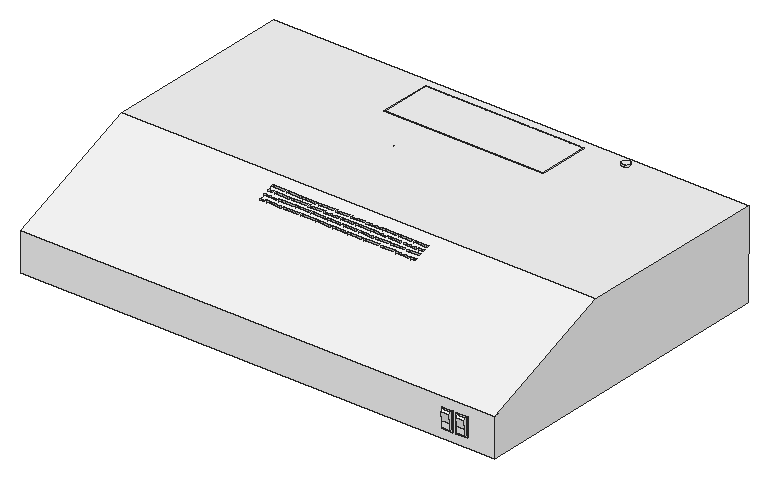
Revit family "QF_Summit_HC30WW_Under Cabinet Convertible Range Hood", category Specialty Equipment, Revit 2020
Family settings
  Round Connector Dimension = Use Diameter
  Part Type = Normal
  Work Plane-Based = No
  Always vertical = Yes
  Cut with Voids When Loaded = No
  Shared = No
  Room Calculation Point = No
Parameters
  Weight in Pounds = 13
  Watts = if(Phase = 3, Volts * FL Amps * 1.73, Volts * FL Amps)  # 195.5 W
  Volts = 115 V
  Ventilation Remarks = "3.25 inches x 10 inches rectangular or 0.86 inches round with transition with transition"
  URL Cutsheet = ""
  Specification by User = ""
  Specification by Manufacturer = ""
  Serial Number = ""
  Seismic Rating = ""
  SMACNA No = ""
  Revision Code = ""
  Phase = 1
  Number of Poles = 1
  NAFEM Spec ID Number = ""
  Model = "HC30WW"
  Min Ckt Ampacity = 0 A
  Max Overcurrent Protection = 0 A
  Masterspec = ""
  Manufacturer = "Summit"
  MU Air Volume = 300 CFM
  MU Air Vent Width = 0"
  MU Air Vent Diameter = 0"
  MU Air Vent Depth = 0"
  MU Air Static Press = 0.00 in-wg
  MU Air RI Height = 0"
  Length = 29 7/8"
  Item Number = ""
  Installed By = ""
  Identify Quantity as Lot = yes
  Height = 5 1/2"
  HP = ""
  Furnished By = ""
  Foodservice Equipment Identifier = yes
  FL Amps = 1.7 A
  Exhaust Volume = 0 CFM
  Exhaust Vent Width = 0"
  Exhaust Vent Diameter = 0"
  Exhaust Vent Depth = 0"
  Exhaust Static Press = 0.00 in-wg
  Exhaust RI Height = 0"
  Electrical Remarks = ""
  Electric Connection Type = ""
  Elec Conn RI Height = 0"
  Elec Conn Connection Height = 0"
  Description = "Under Cabinet Convertible Range Hood"
  Depth = 20"
  Default Elevation = 0"
  Cycle = 60 Hz
  Conn Plug = ""
  Conn Conduit = yes
  CSI MasterFormat = ""
  Apparent Power = if(Phase = 3, Volts * FL Amps * 1.73, Volts * FL Amps)  # 195.5 VA
Reference planes (in)
  plane 1 "BACK": y = 0
  plane 2: z = 0
  plane 3 "LEFT": x = 0
  plane 4 "RIGHT": x = 29.875
  plane 5 "FRONT": y = -20
  plane 6 "TOP": z = 5.5
  plane 7 "Center Y": x = 14.9375
  plane 8 "Center X": y = -10
  plane 9: z = 2.375
  plane 10: y = -12
  plane 11: x = 9.3125
  plane 12: x = 20.5625
  plane 13: x = 22.5625
  plane 14: y = -14
  plane 15: x = 1.5
  plane 16: x = 28.375
  plane 17: z = 5.25339
  plane 18: z = 4.76922
  plane 19: y = -0.5
  plane 20: y = -3.75
  plane 21: y = -7.25
  plane 22: x = 9.9375
  plane 23: x = 19.9375
  plane 24: z = 5.25339
  plane 25: z = 4.76922
  plane 26: x = 14.9375
  plane 27: x = 12.19383
Forms (in)
  Extrusion 1, solid, material "QF_Plastic_White_Smooth"
    sketch origin (0, 0, 0) x (0, 1, 0) y (0, 0, 1)
      loop
        line (-20, 2.375) -> (-20, 0) -> (0, 0) -> (0, 5.5) -> (-12, 5.5) -> (-20, 2.375)
    from 0 to 1.5
  Extrusion 2, solid, material "QF_Plastic_White_Smooth"
    sketch origin (0, 0, 0) x (0, 1, 0) y (0, 0, 1)
      loop
        line (0, 5.5) -> (-12, 5.5) -> (-20, 2.375) -> (-20, 0) -> (-14, 0) -> (-14, 4.18196) -> (-10.81598, 5.42572) -> (-0.5, 5.42572) -> (-0.5, 0) -> (0, 0) -> (0, 5.5)
    from 0 to 29.875
  Extrusion 3, solid, material "QF_Plastic_White_Smooth"
    sketch origin (23.88, 0, 0) x (0, 1, 0) y (0, 0, -1)
      loop
        line (-20, -2.375) -> (-12, -5.5) -> (0, -5.5) -> (0, 0) -> (-20, 0) -> (-20, -2.375)
    from -5.995 to -4.495
  Extrusion 4, void
    sketch origin (3.05617, -20, 2.375) x (0, -0.931457, -0.363851) y (-1, 0, 0)
      loop
        line (-7.90626, -7.01362) -> (-7.90626, -7.76633)
        arc (-7.90626, -7.76633) -> (-7.83306, -7.83953) -> (-7.75986, -7.76633) r 0.0732
        line (-7.75986, -7.76633) -> (-7.75986, -7.01362)
        arc (-7.75986, -7.01362) -> (-7.83306, -6.94042) -> (-7.90626, -7.01362) r 0.0732
      loop
        line (-7.59983, -7.01362) -> (-7.59983, -7.24289)
        arc (-7.59983, -7.24289) -> (-7.52663, -7.31609) -> (-7.45343, -7.24289) r 0.0732
        line (-7.45343, -7.24289) -> (-7.45343, -7.01362)
        arc (-7.45343, -7.01362) -> (-7.52663, -6.94042) -> (-7.59983, -7.01362) r 0.0732
      loop
        line (-7.28302, -7.01362) -> (-7.28302, -7.76633)
        arc (-7.28302, -7.76633) -> (-7.20982, -7.83953) -> (-7.13663, -7.76633) r 0.0732
        line (-7.13663, -7.76633) -> (-7.13663, -7.01362)
        arc (-7.13663, -7.01362) -> (-7.20982, -6.94042) -> (-7.28302, -7.01362) r 0.0732
      loop
        line (-6.9465, -7.01362) -> (-6.9465, -7.24289)
        arc (-6.9465, -7.24289) -> (-6.8733, -7.31609) -> (-6.8001, -7.24289) r 0.0732
        line (-6.8001, -7.24289) -> (-6.8001, -7.01362)
        arc (-6.8001, -7.01362) -> (-6.8733, -6.94042) -> (-6.9465, -7.01362) r 0.0732
      loop
        line (-7.90626, -7.96555) -> (-7.90626, -8.82763)
        arc (-7.90626, -8.82763) -> (-7.83306, -8.90083) -> (-7.75986, -8.82763) r 0.0732
        line (-7.75986, -8.82763) -> (-7.75986, -7.96555)
        arc (-7.75986, -7.96555) -> (-7.83306, -7.89235) -> (-7.90626, -7.96555) r 0.0732
      loop
        line (-7.28302, -7.96555) -> (-7.28302, -8.82763)
        arc (-7.28302, -8.82763) -> (-7.20982, -8.90083) -> (-7.13663, -8.82763) r 0.0732
        line (-7.13663, -8.82763) -> (-7.13663, -7.96555)
        arc (-7.13663, -7.96555) -> (-7.20982, -7.89235) -> (-7.28302, -7.96555) r 0.0732
      loop
        line (-7.59983, -7.44954) -> (-7.59983, -8.31162)
        arc (-7.59983, -8.31162) -> (-7.52663, -8.38482) -> (-7.45343, -8.31162) r 0.0732
        line (-7.45343, -8.31162) -> (-7.45343, -7.44954)
        arc (-7.45343, -7.44954) -> (-7.52663, -7.37634) -> (-7.59983, -7.44954) r 0.0732
      loop
        line (-6.94931, -7.44954) -> (-6.94931, -8.31162)
        arc (-6.94931, -8.31162) -> (-6.87611, -8.38482) -> (-6.80291, -8.31162) r 0.0732
        line (-6.80291, -8.31162) -> (-6.80291, -7.44954)
        arc (-6.80291, -7.44954) -> (-6.87611, -7.37634) -> (-6.94931, -7.44954) r 0.0732
      loop
        line (-7.90626, -9.02338) -> (-7.90626, -9.77608)
        arc (-7.90626, -9.77608) -> (-7.83306, -9.84928) -> (-7.75986, -9.77608) r 0.0732
        line (-7.75986, -9.77608) -> (-7.75986, -9.02338)
        arc (-7.75986, -9.02338) -> (-7.83306, -8.95018) -> (-7.90626, -9.02338) r 0.0732
      loop
        line (-7.28302, -9.02338) -> (-7.28302, -9.77608)
        arc (-7.28302, -9.77608) -> (-7.20982, -9.84928) -> (-7.13663, -9.77608) r 0.0732
        line (-7.13663, -9.77608) -> (-7.13663, -9.02338)
        arc (-7.13663, -9.02338) -> (-7.20982, -8.95018) -> (-7.28302, -9.02338) r 0.0732
      loop
        line (-7.59983, -8.50736) -> (-7.59983, -9.36945)
        arc (-7.59983, -9.36945) -> (-7.52663, -9.44265) -> (-7.45343, -9.36945) r 0.0732
        line (-7.45343, -9.36945) -> (-7.45343, -8.50736)
        arc (-7.45343, -8.50736) -> (-7.52663, -8.43417) -> (-7.59983, -8.50736) r 0.0732
      loop
        line (-6.94931, -8.50736) -> (-6.94931, -9.36945)
        arc (-6.94931, -9.36945) -> (-6.87611, -9.44265) -> (-6.80291, -9.36945) r 0.0732
        line (-6.80291, -9.36945) -> (-6.80291, -8.50736)
        arc (-6.80291, -8.50736) -> (-6.87611, -8.43417) -> (-6.94931, -8.50736) r 0.0732
      loop
        line (-7.90626, -9.9968) -> (-7.90626, -10.85888)
        arc (-7.90626, -10.85888) -> (-7.83306, -10.93208) -> (-7.75986, -10.85888) r 0.0732
        line (-7.75986, -10.85888) -> (-7.75986, -9.9968)
        arc (-7.75986, -9.9968) -> (-7.83306, -9.9236) -> (-7.90626, -9.9968) r 0.0732
      loop
        line (-7.28302, -9.9968) -> (-7.28302, -10.85888)
        arc (-7.28302, -10.85888) -> (-7.20982, -10.93208) -> (-7.13663, -10.85888) r 0.0732
        line (-7.13663, -10.85888) -> (-7.13663, -9.9968)
        arc (-7.13663, -9.9968) -> (-7.20982, -9.9236) -> (-7.28302, -9.9968) r 0.0732
      loop
        line (-7.59983, -9.57454) -> (-7.59983, -10.34287)
        arc (-7.59983, -10.34287) -> (-7.52663, -10.41607) -> (-7.45343, -10.34287) r 0.0732
        line (-7.45343, -10.34287) -> (-7.45343, -9.57454)
        arc (-7.45343, -9.57454) -> (-7.52663, -9.50134) -> (-7.59983, -9.57454) r 0.0732
      loop
        line (-6.94931, -9.57454) -> (-6.94931, -10.34287)
        arc (-6.94931, -10.34287) -> (-6.87611, -10.41607) -> (-6.80291, -10.34287) r 0.0732
        line (-6.80291, -10.34287) -> (-6.80291, -9.57454)
        arc (-6.80291, -9.57454) -> (-6.87611, -9.50134) -> (-6.94931, -9.57454) r 0.0732
      loop
        line (-7.90626, -11.05463) -> (-7.90626, -11.80733)
        arc (-7.90626, -11.80733) -> (-7.83306, -11.88053) -> (-7.75986, -11.80733) r 0.0732
        line (-7.75986, -11.80733) -> (-7.75986, -11.05463)
        arc (-7.75986, -11.05463) -> (-7.83306, -10.98143) -> (-7.90626, -11.05463) r 0.0732
      loop
        line (-7.28302, -11.05463) -> (-7.28302, -11.80733)
        arc (-7.28302, -11.80733) -> (-7.20982, -11.88053) -> (-7.13663, -11.80733) r 0.0732
        line (-7.13663, -11.80733) -> (-7.13663, -11.05463)
        arc (-7.13663, -11.05463) -> (-7.20982, -10.98143) -> (-7.28302, -11.05463) r 0.0732
      loop
        line (-7.59983, -10.53861) -> (-7.59983, -11.4007)
        arc (-7.59983, -11.4007) -> (-7.52663, -11.4739) -> (-7.45343, -11.4007) r 0.0732
        line (-7.45343, -11.4007) -> (-7.45343, -10.53861)
        arc (-7.45343, -10.53861) -> (-7.52663, -10.46542) -> (-7.59983, -10.53861) r 0.0732
      loop
        line (-6.94931, -10.53861) -> (-6.94931, -11.4007)
        arc (-6.94931, -11.4007) -> (-6.87611, -11.4739) -> (-6.80291, -11.4007) r 0.0732
        line (-6.80291, -11.4007) -> (-6.80291, -10.53861)
        arc (-6.80291, -10.53861) -> (-6.87611, -10.46542) -> (-6.94931, -10.53861) r 0.0732
      loop
        line (-7.90626, -12.02338) -> (-7.90626, -12.77608)
        arc (-7.90626, -12.77608) -> (-7.83306, -12.84928) -> (-7.75986, -12.77608) r 0.0732
        line (-7.75986, -12.77608) -> (-7.75986, -12.02338)
        arc (-7.75986, -12.02338) -> (-7.83306, -11.95018) -> (-7.90626, -12.02338) r 0.0732
      loop
        line (-7.28302, -12.02338) -> (-7.28302, -12.77608)
        arc (-7.28302, -12.77608) -> (-7.20982, -12.84928) -> (-7.13663, -12.77608) r 0.0732
        line (-7.13663, -12.77608) -> (-7.13663, -12.02338)
        arc (-7.13663, -12.02338) -> (-7.20982, -11.95018) -> (-7.28302, -12.02338) r 0.0732
      loop
        line (-7.59983, -11.61674) -> (-7.59983, -12.36945)
        arc (-7.59983, -12.36945) -> (-7.52663, -12.44265) -> (-7.45343, -12.36945) r 0.0732
        line (-7.45343, -12.36945) -> (-7.45343, -11.61674)
        arc (-7.45343, -11.61674) -> (-7.52663, -11.54354) -> (-7.59983, -11.61674) r 0.0732
      loop
        line (-6.94931, -11.61674) -> (-6.94931, -12.36945)
        arc (-6.94931, -12.36945) -> (-6.87611, -12.44265) -> (-6.80291, -12.36945) r 0.0732
        line (-6.80291, -12.36945) -> (-6.80291, -11.61674)
        arc (-6.80291, -11.61674) -> (-6.87611, -11.54354) -> (-6.94931, -11.61674) r 0.0732
      loop
        line (-7.90626, -12.9968) -> (-7.90626, -13.85888)
        arc (-7.90626, -13.85888) -> (-7.83306, -13.93208) -> (-7.75986, -13.85888) r 0.0732
        line (-7.75986, -13.85888) -> (-7.75986, -12.9968)
        arc (-7.75986, -12.9968) -> (-7.83306, -12.9236) -> (-7.90626, -12.9968) r 0.0732
      loop
        line (-7.28302, -12.9968) -> (-7.28302, -13.85888)
        arc (-7.28302, -13.85888) -> (-7.20982, -13.93208) -> (-7.13663, -13.85888) r 0.0732
        line (-7.13663, -13.85888) -> (-7.13663, -12.9968)
        arc (-7.13663, -12.9968) -> (-7.20982, -12.9236) -> (-7.28302, -12.9968) r 0.0732
      loop
        line (-7.59983, -12.57454) -> (-7.59983, -13.34287)
        arc (-7.59983, -13.34287) -> (-7.52663, -13.41607) -> (-7.45343, -13.34287) r 0.0732
        line (-7.45343, -13.34287) -> (-7.45343, -12.57454)
        arc (-7.45343, -12.57454) -> (-7.52663, -12.50134) -> (-7.59983, -12.57454) r 0.0732
      loop
        line (-6.94931, -12.57454) -> (-6.94931, -13.34287)
        arc (-6.94931, -13.34287) -> (-6.87611, -13.41607) -> (-6.80291, -13.34287) r 0.0732
        line (-6.80291, -13.34287) -> (-6.80291, -12.57454)
        arc (-6.80291, -12.57454) -> (-6.87611, -12.50134) -> (-6.94931, -12.57454) r 0.0732
      loop
        line (-7.90626, -14.05463) -> (-7.90626, -14.80733)
        arc (-7.90626, -14.80733) -> (-7.83306, -14.88053) -> (-7.75986, -14.80733) r 0.0732
        line (-7.75986, -14.80733) -> (-7.75986, -14.05463)
        arc (-7.75986, -14.05463) -> (-7.83306, -13.98143) -> (-7.90626, -14.05463) r 0.0732
      loop
        line (-7.28302, -14.05463) -> (-7.28302, -14.80733)
        arc (-7.28302, -14.80733) -> (-7.20982, -14.88053) -> (-7.13663, -14.80733) r 0.0732
        line (-7.13663, -14.80733) -> (-7.13663, -14.05463)
        arc (-7.13663, -14.05463) -> (-7.20982, -13.98143) -> (-7.28302, -14.05463) r 0.0732
      loop
        line (-7.59983, -13.53861) -> (-7.59983, -14.4007)
        arc (-7.59983, -14.4007) -> (-7.52663, -14.4739) -> (-7.45343, -14.4007) r 0.0732
        line (-7.45343, -14.4007) -> (-7.45343, -13.53861)
        arc (-7.45343, -13.53861) -> (-7.52663, -13.46542) -> (-7.59983, -13.53861) r 0.0732
      loop
        line (-6.94931, -13.53861) -> (-6.94931, -14.4007)
        arc (-6.94931, -14.4007) -> (-6.87611, -14.4739) -> (-6.80291, -14.4007) r 0.0732
        line (-6.80291, -14.4007) -> (-6.80291, -13.53861)
        arc (-6.80291, -13.53861) -> (-6.87611, -13.46542) -> (-6.94931, -13.53861) r 0.0732
      loop
        line (-7.90626, -15.02338) -> (-7.90626, -15.77608)
        arc (-7.90626, -15.77608) -> (-7.83306, -15.84928) -> (-7.75986, -15.77608) r 0.0732
        line (-7.75986, -15.77608) -> (-7.75986, -15.02338)
        arc (-7.75986, -15.02338) -> (-7.83306, -14.95018) -> (-7.90626, -15.02338) r 0.0732
      loop
        line (-7.28302, -15.02338) -> (-7.28302, -15.77608)
        arc (-7.28302, -15.77608) -> (-7.20982, -15.84928) -> (-7.13663, -15.77608) r 0.0732
        line (-7.13663, -15.77608) -> (-7.13663, -15.02338)
        arc (-7.13663, -15.02338) -> (-7.20982, -14.95018) -> (-7.28302, -15.02338) r 0.0732
      loop
        line (-7.59983, -14.62665) -> (-7.59983, -15.36945)
        arc (-7.59983, -15.36945) -> (-7.52663, -15.44265) -> (-7.45343, -15.36945) r 0.0732
        line (-7.45343, -15.36945) -> (-7.45343, -14.62665)
        arc (-7.45343, -14.62665) -> (-7.52663, -14.55345) -> (-7.59983, -14.62665) r 0.0732
      loop
        line (-6.94931, -14.6001) -> (-6.94931, -15.36945)
        arc (-6.94931, -15.36945) -> (-6.87611, -15.44265) -> (-6.80291, -15.36945) r 0.0732
        line (-6.80291, -15.36945) -> (-6.80291, -14.6001)
        arc (-6.80291, -14.6001) -> (-6.87611, -14.5269) -> (-6.94931, -14.6001) r 0.0732
      loop
        line (-7.59983, -15.57454) -> (-7.59983, -16.34287)
        arc (-7.59983, -16.34287) -> (-7.52663, -16.41607) -> (-7.45343, -16.34287) r 0.0732
        line (-7.45343, -16.34287) -> (-7.45343, -15.57454)
        arc (-7.45343, -15.57454) -> (-7.52663, -15.50134) -> (-7.59983, -15.57454) r 0.0732
      loop
        line (-6.94931, -15.57454) -> (-6.94931, -16.34287)
        arc (-6.94931, -16.34287) -> (-6.87611, -16.41607) -> (-6.80291, -16.34287) r 0.0732
        line (-6.80291, -16.34287) -> (-6.80291, -15.57454)
        arc (-6.80291, -15.57454) -> (-6.87611, -15.50134) -> (-6.94931, -15.57454) r 0.0732
      loop
        line (-7.90626, -15.99213) -> (-7.90626, -16.74483)
        arc (-7.90626, -16.74483) -> (-7.83306, -16.81803) -> (-7.75986, -16.74483) r 0.0732
        line (-7.75986, -16.74483) -> (-7.75986, -15.99213)
        arc (-7.75986, -15.99213) -> (-7.83306, -15.91893) -> (-7.90626, -15.99213) r 0.0732
      loop
        line (-7.28302, -15.99213) -> (-7.28302, -16.74483)
        arc (-7.28302, -16.74483) -> (-7.20982, -16.81803) -> (-7.13663, -16.74483) r 0.0732
        line (-7.13663, -16.74483) -> (-7.13663, -15.99213)
        arc (-7.13663, -15.99213) -> (-7.20982, -15.91893) -> (-7.28302, -15.99213) r 0.0732
      loop
        line (-7.59983, -16.54576) -> (-7.59983, -16.75159)
        arc (-7.59983, -16.75159) -> (-7.52663, -16.82479) -> (-7.45343, -16.75159) r 0.0732
        line (-7.45343, -16.75159) -> (-7.45343, -16.54576)
        arc (-7.45343, -16.54576) -> (-7.52663, -16.47256) -> (-7.59983, -16.54576) r 0.0732
      loop
        line (-6.94931, -16.54576) -> (-6.94931, -16.75159)
        arc (-6.94931, -16.75159) -> (-6.87611, -16.82479) -> (-6.80291, -16.75159) r 0.0732
        line (-6.80291, -16.75159) -> (-6.80291, -16.54576)
        arc (-6.80291, -16.54576) -> (-6.87611, -16.47256) -> (-6.94931, -16.54576) r 0.0732
    from 0 to 0.5
  Extrusion 5, solid, material "QF_Plastic_White_Smooth"
    sketch origin (0, 0, 0) x (1, 0, 0) y (0, 1, 0)
      loop
        arc (11.4375, -3.75) -> (14.9375, -7.25) -> (18.4375, -3.75) r 3.5
        line (18.4375, -3.75) -> (11.4375, -3.75)
    from 2.375 to 5.42572
  Extrusion 6, solid, material "QF_Plastic_White_Smooth"
    sketch origin (0, 0, 0) x (1, 0, 0) y (0, 1, 0)
      loop
        line (9.9375, -0.5) -> (9.9375, -3.75) -> (19.9375, -3.75) -> (19.9375, -0.5) -> (9.9375, -0.5)
      loop
        line (10.1875, -3.5) -> (19.6875, -3.5) -> (19.6875, -0.75) -> (10.1875, -0.75) -> (10.1875, -3.5)
    from 2.375 to 5.42572
  Extrusion 7, solid, material "QF_Plastic_White_Smooth"
    sketch origin (0, 0, 0) x (1, 0, 0) y (0, 1, 0)
      loop
        line (9.3125, -0.5) -> (9.3125, -14) -> (20.5625, -14) -> (20.5625, -0.5) -> (9.3125, -0.5)
      loop
        line (9.5625, -13.75) -> (20.3125, -13.75) -> (20.3125, -0.75) -> (9.5625, -0.75) -> (9.5625, -13.75)
    from 2.375 to 5
  Extrusion 8, void
    sketch origin (29.875, 0, 0) x (0, -1, 0) y (0, 0, 1)
      loop
        line (10.81598, 5.42572) -> (14, 4.18196) -> (14.15581, 4.18196) -> (14.15581, 5.58943) -> (10.81598, 5.58943) -> (10.81598, 5.42572)
    from 9.3125 to 20.5625
  Extrusion 9, void
    sketch origin (0, 0, 2.375) x (1, 0, 0) y (0, 1, 0)
      loop
        line (19.9375, -3.75) -> (19.9375, -0.5) -> (9.9375, -0.5) -> (9.9375, -3.75) -> (19.9375, -3.75)
    from 3.05072 to 3.125
  Extrusion 10, solid, material "QF_Plastic_White_Smooth"
    sketch origin (0, -12, 5.5) x (0, 1, 0) y (-1, 0, 0)
      loop
        line (8.25, -9.9375) -> (8.25, -19.9375) -> (11.5, -19.9375) -> (11.5, -9.9375) -> (8.25, -9.9375)
    from 0 to -0.07428
  Extrusion 11, solid, material "QF_Plastic_White_Smooth"
    sketch origin (0, 0, 0) x (1, 0, 0) y (0, 1, 0)
      loop
        circle (22.5625, -0.5) r 0.25
    from 5.5 to 5.57173
  Extrusion 12, solid, material "QF_Plastic_White_Smooth"
    sketch origin (6.64062, -20, 0) x (0, 0, 1) y (-1, 0, 0)
      loop
        line (1.78125, -21.57157) -> (1.78125, -20.86312) -> (0.59375, -20.86312) -> (0.59375, -21.57157) -> (1.78125, -21.57157)
      loop
        line (1.78125, -20.63407) -> (1.78125, -19.92562) -> (0.59375, -19.92562) -> (0.59375, -20.63407) -> (1.78125, -20.63407)
    from 0 to 0.04539
  Extrusion 13, solid, material "QF_Plastic_White_Smooth"
    sketch origin (29.58062, 0, 0) x (0, 1, 0) y (0, 0, 1)
      loop
        line (-20.04539, 1.70684) -> (-20.22258, 1.62421) -> (-20.09635, 1.07743) -> (-20.09635, 0.69669) -> (-20.04539, 0.69669) -> (-20.04539, 1.70684)
    from -1.97756 to -1.47125
  Extrusion 14, void, not visible
    sketch origin (0.3125, -20, 2.375) x (0, -0.931457, -0.363851) y (-1, 0, 0)
      loop
        line (-7.90626, -7.01362) -> (-7.90626, -7.76633)
        arc (-7.90626, -7.76633) -> (-7.83306, -7.83953) -> (-7.75986, -7.76633) r 0.0732
        line (-7.75986, -7.76633) -> (-7.75986, -7.01362)
        arc (-7.75986, -7.01362) -> (-7.83306, -6.94042) -> (-7.90626, -7.01362) r 0.0732
      loop
        line (-7.59983, -7.01362) -> (-7.59983, -7.24289)
        arc (-7.59983, -7.24289) -> (-7.52663, -7.31609) -> (-7.45343, -7.24289) r 0.0732
        line (-7.45343, -7.24289) -> (-7.45343, -7.01362)
        arc (-7.45343, -7.01362) -> (-7.52663, -6.94042) -> (-7.59983, -7.01362) r 0.0732
      loop
        line (-7.28302, -7.01362) -> (-7.28302, -7.76633)
        arc (-7.28302, -7.76633) -> (-7.20982, -7.83953) -> (-7.13663, -7.76633) r 0.0732
        line (-7.13663, -7.76633) -> (-7.13663, -7.01362)
        arc (-7.13663, -7.01362) -> (-7.20982, -6.94042) -> (-7.28302, -7.01362) r 0.0732
      loop
        line (-6.9465, -7.01362) -> (-6.9465, -7.24289)
        arc (-6.9465, -7.24289) -> (-6.8733, -7.31609) -> (-6.8001, -7.24289) r 0.0732
        line (-6.8001, -7.24289) -> (-6.8001, -7.01362)
        arc (-6.8001, -7.01362) -> (-6.8733, -6.94042) -> (-6.9465, -7.01362) r 0.0732
      loop
        line (-7.90626, -7.96555) -> (-7.90626, -8.82763)
        arc (-7.90626, -8.82763) -> (-7.83306, -8.90083) -> (-7.75986, -8.82763) r 0.0732
        line (-7.75986, -8.82763) -> (-7.75986, -7.96555)
        arc (-7.75986, -7.96555) -> (-7.83306, -7.89235) -> (-7.90626, -7.96555) r 0.0732
      loop
        line (-7.28302, -7.96555) -> (-7.28302, -8.82763)
        arc (-7.28302, -8.82763) -> (-7.20982, -8.90083) -> (-7.13663, -8.82763) r 0.0732
        line (-7.13663, -8.82763) -> (-7.13663, -7.96555)
        arc (-7.13663, -7.96555) -> (-7.20982, -7.89235) -> (-7.28302, -7.96555) r 0.0732
      loop
        line (-7.59983, -7.44954) -> (-7.59983, -8.31162)
        arc (-7.59983, -8.31162) -> (-7.52663, -8.38482) -> (-7.45343, -8.31162) r 0.0732
        line (-7.45343, -8.31162) -> (-7.45343, -7.44954)
        arc (-7.45343, -7.44954) -> (-7.52663, -7.37634) -> (-7.59983, -7.44954) r 0.0732
      loop
        line (-6.94931, -7.44954) -> (-6.94931, -8.31162)
        arc (-6.94931, -8.31162) -> (-6.87611, -8.38482) -> (-6.80291, -8.31162) r 0.0732
        line (-6.80291, -8.31162) -> (-6.80291, -7.44954)
        arc (-6.80291, -7.44954) -> (-6.87611, -7.37634) -> (-6.94931, -7.44954) r 0.0732
      loop
        line (-7.90626, -9.02338) -> (-7.90626, -9.77608)
        arc (-7.90626, -9.77608) -> (-7.83306, -9.84928) -> (-7.75986, -9.77608) r 0.0732
        line (-7.75986, -9.77608) -> (-7.75986, -9.02338)
        arc (-7.75986, -9.02338) -> (-7.83306, -8.95018) -> (-7.90626, -9.02338) r 0.0732
      loop
        line (-7.28302, -9.02338) -> (-7.28302, -9.77608)
        arc (-7.28302, -9.77608) -> (-7.20982, -9.84928) -> (-7.13663, -9.77608) r 0.0732
        line (-7.13663, -9.77608) -> (-7.13663, -9.02338)
        arc (-7.13663, -9.02338) -> (-7.20982, -8.95018) -> (-7.28302, -9.02338) r 0.0732
      loop
        line (-7.59983, -8.50736) -> (-7.59983, -9.36945)
        arc (-7.59983, -9.36945) -> (-7.52663, -9.44265) -> (-7.45343, -9.36945) r 0.0732
        line (-7.45343, -9.36945) -> (-7.45343, -8.50736)
        arc (-7.45343, -8.50736) -> (-7.52663, -8.43417) -> (-7.59983, -8.50736) r 0.0732
      loop
        line (-6.94931, -8.50736) -> (-6.94931, -9.36945)
        arc (-6.94931, -9.36945) -> (-6.87611, -9.44265) -> (-6.80291, -9.36945) r 0.0732
        line (-6.80291, -9.36945) -> (-6.80291, -8.50736)
        arc (-6.80291, -8.50736) -> (-6.87611, -8.43417) -> (-6.94931, -8.50736) r 0.0732
      loop
        line (-7.90626, -9.9968) -> (-7.90626, -10.85888)
        arc (-7.90626, -10.85888) -> (-7.83306, -10.93208) -> (-7.75986, -10.85888) r 0.0732
        line (-7.75986, -10.85888) -> (-7.75986, -9.9968)
        arc (-7.75986, -9.9968) -> (-7.83306, -9.9236) -> (-7.90626, -9.9968) r 0.0732
      loop
        line (-7.28302, -9.9968) -> (-7.28302, -10.85888)
        arc (-7.28302, -10.85888) -> (-7.20982, -10.93208) -> (-7.13663, -10.85888) r 0.0732
        line (-7.13663, -10.85888) -> (-7.13663, -9.9968)
        arc (-7.13663, -9.9968) -> (-7.20982, -9.9236) -> (-7.28302, -9.9968) r 0.0732
      loop
        line (-7.59983, -9.57454) -> (-7.59983, -10.34287)
        arc (-7.59983, -10.34287) -> (-7.52663, -10.41607) -> (-7.45343, -10.34287) r 0.0732
        line (-7.45343, -10.34287) -> (-7.45343, -9.57454)
        arc (-7.45343, -9.57454) -> (-7.52663, -9.50134) -> (-7.59983, -9.57454) r 0.0732
      loop
        line (-6.94931, -9.57454) -> (-6.94931, -10.34287)
        arc (-6.94931, -10.34287) -> (-6.87611, -10.41607) -> (-6.80291, -10.34287) r 0.0732
        line (-6.80291, -10.34287) -> (-6.80291, -9.57454)
        arc (-6.80291, -9.57454) -> (-6.87611, -9.50134) -> (-6.94931, -9.57454) r 0.0732
      loop
        line (-7.90626, -11.05463) -> (-7.90626, -11.80733)
        arc (-7.90626, -11.80733) -> (-7.83306, -11.88053) -> (-7.75986, -11.80733) r 0.0732
        line (-7.75986, -11.80733) -> (-7.75986, -11.05463)
        arc (-7.75986, -11.05463) -> (-7.83306, -10.98143) -> (-7.90626, -11.05463) r 0.0732
      loop
        line (-7.28302, -11.05463) -> (-7.28302, -11.80733)
        arc (-7.28302, -11.80733) -> (-7.20982, -11.88053) -> (-7.13663, -11.80733) r 0.0732
        line (-7.13663, -11.80733) -> (-7.13663, -11.05463)
        arc (-7.13663, -11.05463) -> (-7.20982, -10.98143) -> (-7.28302, -11.05463) r 0.0732
      loop
        line (-7.59983, -10.53861) -> (-7.59983, -11.4007)
        arc (-7.59983, -11.4007) -> (-7.52663, -11.4739) -> (-7.45343, -11.4007) r 0.0732
        line (-7.45343, -11.4007) -> (-7.45343, -10.53861)
        arc (-7.45343, -10.53861) -> (-7.52663, -10.46542) -> (-7.59983, -10.53861) r 0.0732
      loop
        line (-6.94931, -10.53861) -> (-6.94931, -11.4007)
        arc (-6.94931, -11.4007) -> (-6.87611, -11.4739) -> (-6.80291, -11.4007) r 0.0732
        line (-6.80291, -11.4007) -> (-6.80291, -10.53861)
        arc (-6.80291, -10.53861) -> (-6.87611, -10.46542) -> (-6.94931, -10.53861) r 0.0732
      loop
        line (-7.90626, -12.02338) -> (-7.90626, -12.77608)
        arc (-7.90626, -12.77608) -> (-7.83306, -12.84928) -> (-7.75986, -12.77608) r 0.0732
        line (-7.75986, -12.77608) -> (-7.75986, -12.02338)
        arc (-7.75986, -12.02338) -> (-7.83306, -11.95018) -> (-7.90626, -12.02338) r 0.0732
      loop
        line (-7.28302, -12.02338) -> (-7.28302, -12.77608)
        arc (-7.28302, -12.77608) -> (-7.20982, -12.84928) -> (-7.13663, -12.77608) r 0.0732
        line (-7.13663, -12.77608) -> (-7.13663, -12.02338)
        arc (-7.13663, -12.02338) -> (-7.20982, -11.95018) -> (-7.28302, -12.02338) r 0.0732
      loop
        line (-7.59983, -11.61674) -> (-7.59983, -12.36945)
        arc (-7.59983, -12.36945) -> (-7.52663, -12.44265) -> (-7.45343, -12.36945) r 0.0732
        line (-7.45343, -12.36945) -> (-7.45343, -11.61674)
        arc (-7.45343, -11.61674) -> (-7.52663, -11.54354) -> (-7.59983, -11.61674) r 0.0732
      loop
        line (-6.94931, -11.61674) -> (-6.94931, -12.36945)
        arc (-6.94931, -12.36945) -> (-6.87611, -12.44265) -> (-6.80291, -12.36945) r 0.0732
        line (-6.80291, -12.36945) -> (-6.80291, -11.61674)
        arc (-6.80291, -11.61674) -> (-6.87611, -11.54354) -> (-6.94931, -11.61674) r 0.0732
      loop
        line (-7.90626, -12.9968) -> (-7.90626, -13.85888)
        arc (-7.90626, -13.85888) -> (-7.83306, -13.93208) -> (-7.75986, -13.85888) r 0.0732
        line (-7.75986, -13.85888) -> (-7.75986, -12.9968)
        arc (-7.75986, -12.9968) -> (-7.83306, -12.9236) -> (-7.90626, -12.9968) r 0.0732
      loop
        line (-7.28302, -12.9968) -> (-7.28302, -13.85888)
        arc (-7.28302, -13.85888) -> (-7.20982, -13.93208) -> (-7.13663, -13.85888) r 0.0732
        line (-7.13663, -13.85888) -> (-7.13663, -12.9968)
        arc (-7.13663, -12.9968) -> (-7.20982, -12.9236) -> (-7.28302, -12.9968) r 0.0732
      loop
        line (-7.59983, -12.57454) -> (-7.59983, -13.34287)
        arc (-7.59983, -13.34287) -> (-7.52663, -13.41607) -> (-7.45343, -13.34287) r 0.0732
        line (-7.45343, -13.34287) -> (-7.45343, -12.57454)
        arc (-7.45343, -12.57454) -> (-7.52663, -12.50134) -> (-7.59983, -12.57454) r 0.0732
      loop
        line (-6.94931, -12.57454) -> (-6.94931, -13.34287)
        arc (-6.94931, -13.34287) -> (-6.87611, -13.41607) -> (-6.80291, -13.34287) r 0.0732
        line (-6.80291, -13.34287) -> (-6.80291, -12.57454)
        arc (-6.80291, -12.57454) -> (-6.87611, -12.50134) -> (-6.94931, -12.57454) r 0.0732
      loop
        line (-7.90626, -14.05463) -> (-7.90626, -14.80733)
        arc (-7.90626, -14.80733) -> (-7.83306, -14.88053) -> (-7.75986, -14.80733) r 0.0732
        line (-7.75986, -14.80733) -> (-7.75986, -14.05463)
        arc (-7.75986, -14.05463) -> (-7.83306, -13.98143) -> (-7.90626, -14.05463) r 0.0732
      loop
        line (-7.28302, -14.05463) -> (-7.28302, -14.80733)
        arc (-7.28302, -14.80733) -> (-7.20982, -14.88053) -> (-7.13663, -14.80733) r 0.0732
        line (-7.13663, -14.80733) -> (-7.13663, -14.05463)
        arc (-7.13663, -14.05463) -> (-7.20982, -13.98143) -> (-7.28302, -14.05463) r 0.0732
      loop
        line (-7.59983, -13.53861) -> (-7.59983, -14.4007)
        arc (-7.59983, -14.4007) -> (-7.52663, -14.4739) -> (-7.45343, -14.4007) r 0.0732
        line (-7.45343, -14.4007) -> (-7.45343, -13.53861)
        arc (-7.45343, -13.53861) -> (-7.52663, -13.46542) -> (-7.59983, -13.53861) r 0.0732
      loop
        line (-6.94931, -13.53861) -> (-6.94931, -14.4007)
        arc (-6.94931, -14.4007) -> (-6.87611, -14.4739) -> (-6.80291, -14.4007) r 0.0732
        line (-6.80291, -14.4007) -> (-6.80291, -13.53861)
        arc (-6.80291, -13.53861) -> (-6.87611, -13.46542) -> (-6.94931, -13.53861) r 0.0732
      loop
        line (-7.90626, -15.02338) -> (-7.90626, -15.77608)
        arc (-7.90626, -15.77608) -> (-7.83306, -15.84928) -> (-7.75986, -15.77608) r 0.0732
        line (-7.75986, -15.77608) -> (-7.75986, -15.02338)
        arc (-7.75986, -15.02338) -> (-7.83306, -14.95018) -> (-7.90626, -15.02338) r 0.0732
      loop
        line (-7.28302, -15.02338) -> (-7.28302, -15.77608)
        arc (-7.28302, -15.77608) -> (-7.20982, -15.84928) -> (-7.13663, -15.77608) r 0.0732
        line (-7.13663, -15.77608) -> (-7.13663, -15.02338)
        arc (-7.13663, -15.02338) -> (-7.20982, -14.95018) -> (-7.28302, -15.02338) r 0.0732
      loop
        line (-7.59983, -14.62665) -> (-7.59983, -15.36945)
        arc (-7.59983, -15.36945) -> (-7.52663, -15.44265) -> (-7.45343, -15.36945) r 0.0732
        line (-7.45343, -15.36945) -> (-7.45343, -14.62665)
        arc (-7.45343, -14.62665) -> (-7.52663, -14.55345) -> (-7.59983, -14.62665) r 0.0732
      loop
        line (-6.94931, -14.6001) -> (-6.94931, -15.36945)
        arc (-6.94931, -15.36945) -> (-6.87611, -15.44265) -> (-6.80291, -15.36945) r 0.0732
        line (-6.80291, -15.36945) -> (-6.80291, -14.6001)
        arc (-6.80291, -14.6001) -> (-6.87611, -14.5269) -> (-6.94931, -14.6001) r 0.0732
      loop
        line (-7.59983, -15.57454) -> (-7.59983, -16.34287)
        arc (-7.59983, -16.34287) -> (-7.52663, -16.41607) -> (-7.45343, -16.34287) r 0.0732
        line (-7.45343, -16.34287) -> (-7.45343, -15.57454)
        arc (-7.45343, -15.57454) -> (-7.52663, -15.50134) -> (-7.59983, -15.57454) r 0.0732
      loop
        line (-6.94931, -15.57454) -> (-6.94931, -16.34287)
        arc (-6.94931, -16.34287) -> (-6.87611, -16.41607) -> (-6.80291, -16.34287) r 0.0732
        line (-6.80291, -16.34287) -> (-6.80291, -15.57454)
        arc (-6.80291, -15.57454) -> (-6.87611, -15.50134) -> (-6.94931, -15.57454) r 0.0732
      loop
        line (-7.90626, -15.99213) -> (-7.90626, -16.74483)
        arc (-7.90626, -16.74483) -> (-7.83306, -16.81803) -> (-7.75986, -16.74483) r 0.0732
        line (-7.75986, -16.74483) -> (-7.75986, -15.99213)
        arc (-7.75986, -15.99213) -> (-7.83306, -15.91893) -> (-7.90626, -15.99213) r 0.0732
      loop
        line (-7.28302, -15.99213) -> (-7.28302, -16.74483)
        arc (-7.28302, -16.74483) -> (-7.20982, -16.81803) -> (-7.13663, -16.74483) r 0.0732
        line (-7.13663, -16.74483) -> (-7.13663, -15.99213)
        arc (-7.13663, -15.99213) -> (-7.20982, -15.91893) -> (-7.28302, -15.99213) r 0.0732
      loop
        line (-7.59983, -16.54576) -> (-7.59983, -16.75159)
        arc (-7.59983, -16.75159) -> (-7.52663, -16.82479) -> (-7.45343, -16.75159) r 0.0732
        line (-7.45343, -16.75159) -> (-7.45343, -16.54576)
        arc (-7.45343, -16.54576) -> (-7.52663, -16.47256) -> (-7.59983, -16.54576) r 0.0732
      loop
        line (-6.94931, -16.54576) -> (-6.94931, -16.75159)
        arc (-6.94931, -16.75159) -> (-6.87611, -16.82479) -> (-6.80291, -16.75159) r 0.0732
        line (-6.80291, -16.75159) -> (-6.80291, -16.54576)
        arc (-6.80291, -16.54576) -> (-6.87611, -16.47256) -> (-6.94931, -16.54576) r 0.0732
    from 0 to 0.5
  Extrusion 15, solid, material "QF_Plastic_White_Smooth"
    sketch origin (28.64312, 0, 0) x (0, 1, 0) y (0, 0, 1)
      loop
        line (-20.04539, 1.70684) -> (-20.22258, 1.62421) -> (-20.09635, 1.07743) -> (-20.09635, 0.69669) -> (-20.04539, 0.69669) -> (-20.04539, 1.70684)
    from -1.97756 to -1.47125
Cuts and joins
  Extrusion 4, Extrusion 8, Extrusion 9 cuts Extrusion 1
  Extrusion 4, Extrusion 9 cuts Extrusion 2
  Extrusion 4, Extrusion 8, Extrusion 9 cuts Extrusion 3
  Extrusion 9 cuts Extrusion 6
  Extrusion 8, Extrusion 9 cuts Extrusion 7
  joined: Extrusion 1, Extrusion 2, Extrusion 3, Extrusion 5, Extrusion 6, Extrusion 7
Lines and regions (in)
  symbolic lines
    curve 1: line (0, 0, 0) -> (0, -20, 0)
    curve 2: line (0, -12, 0) -> (29.875, -12, 0)
    curve 3: line (29.875, -20, 0) -> (29.875, 0, 0)
    curve 4: line (29.875, 0, 0) -> (0, 0, 0)
    curve 5: line (0, -20, 0) -> (29.875, -20, 0)
    curve 6: line (10.01112, -12.63566, 0) -> (10.76383, -12.63566, 0)
    curve 7: spline (10.76383, -12.63566, 0) -> (10.78277, -12.63798, 0) -> (10.80043, -12.6448, 0) -> (10.81559, -12.65563, 0) -> (10.82722, -12.66975, 0) -> (10.83453, -12.6862, 0) -> (10.83703, -12.70384, 0) -> (10.83453, -12.72149, 0) -> (10.82722, -12.73793, 0) -> (10.81559, -12.75205, 0) -> (10.80043, -12.76289, 0) -> (10.78277, -12.7697, 0) -> (10.76383, -12.77202, 0)
    curve 8: line (10.76383, -12.77202, 0) -> (10.01112, -12.77202, 0)
    curve 9: spline (10.01112, -12.77202, 0) -> (9.99218, -12.7697, 0) -> (9.97452, -12.76289, 0) -> (9.95936, -12.75205, 0) -> (9.94773, -12.73793, 0) -> (9.94042, -12.72149, 0) -> (9.93792, -12.70384, 0) -> (9.94042, -12.6862, 0) -> (9.94773, -12.66975, 0) -> (9.95936, -12.65563, 0) -> (9.97452, -12.6448, 0) -> (9.99218, -12.63798, 0) -> (10.01112, -12.63566, 0)
    curve 10: spline (10.24039, -12.92108, 0) -> (10.25934, -12.9234, 0) -> (10.27699, -12.93022, 0) -> (10.29215, -12.94105, 0) -> (10.30378, -12.95517, 0) -> (10.3111, -12.97162, 0) -> (10.31359, -12.98926, 0) -> (10.3111, -13.00691, 0) -> (10.30378, -13.02335, 0) -> (10.29215, -13.03747, 0) -> (10.27699, -13.04831, 0) -> (10.25934, -13.05512, 0) -> (10.24039, -13.05744, 0)
    curve 11: line (10.24039, -13.05744, 0) -> (10.01112, -13.05744, 0)
    curve 12: spline (10.01112, -13.05744, 0) -> (9.99218, -13.05512, 0) -> (9.97452, -13.04831, 0) -> (9.95936, -13.03747, 0) -> (9.94773, -13.02335, 0) -> (9.94042, -13.00691, 0) -> (9.93792, -12.98926, 0) -> (9.94042, -12.97162, 0) -> (9.94773, -12.95517, 0) -> (9.95936, -12.94105, 0) -> (9.97452, -12.93022, 0) -> (9.99218, -12.9234, 0) -> (10.01112, -12.92108, 0)
    curve 13: line (10.01112, -12.92108, 0) -> (10.24039, -12.92108, 0)
    curve 14: line (10.01112, -13.21617, 0) -> (10.76383, -13.21617, 0)
    curve 15: spline (10.76383, -13.21617, 0) -> (10.78277, -13.2185, 0) -> (10.80043, -13.22531, 0) -> (10.81559, -13.23614, 0) -> (10.82722, -13.25027, 0) -> (10.83453, -13.26671, 0) -> (10.83703, -13.28436, 0) -> (10.83453, -13.302, 0) -> (10.82722, -13.31845, 0) -> (10.81559, -13.33257, 0) -> (10.80043, -13.3434, 0) -> (10.78277, -13.35021, 0) -> (10.76383, -13.35254, 0)
    curve 16: line (10.76383, -13.35254, 0) -> (10.01112, -13.35254, 0)
    curve 17: spline (10.01112, -13.35254, 0) -> (9.99218, -13.35021, 0) -> (9.97452, -13.3434, 0) -> (9.95936, -13.33257, 0) -> (9.94773, -13.31845, 0) -> (9.94042, -13.302, 0) -> (9.93792, -13.28436, 0) -> (9.94042, -13.26671, 0) -> (9.94773, -13.25027, 0) -> (9.95936, -13.23614, 0) -> (9.97452, -13.22531, 0) -> (9.99218, -13.2185, 0) -> (10.01112, -13.21617, 0)
    curve 18: spline (10.24039, -13.52963, 0) -> (10.25934, -13.53196, 0) -> (10.27699, -13.53877, 0) -> (10.29215, -13.5496, 0) -> (10.30378, -13.56372, 0) -> (10.3111, -13.58017, 0) -> (10.31359, -13.59781, 0) -> (10.3111, -13.61546, 0) -> (10.30378, -13.6319, 0) -> (10.29215, -13.64603, 0) -> (10.27699, -13.65686, 0) -> (10.25934, -13.66367, 0) -> (10.24039, -13.666, 0)
    curve 19: line (10.24039, -13.666, 0) -> (10.01112, -13.666, 0)
    curve 20: spline (10.01112, -13.666, 0) -> (9.99218, -13.66367, 0) -> (9.97452, -13.65686, 0) -> (9.95936, -13.64603, 0) -> (9.94773, -13.6319, 0) -> (9.94042, -13.61546, 0) -> (9.93792, -13.59781, 0) -> (9.94042, -13.58017, 0) -> (9.94773, -13.56372, 0) -> (9.95936, -13.5496, 0) -> (9.97452, -13.53877, 0) -> (9.99218, -13.53196, 0) -> (10.01112, -13.52963, 0)
    curve 21: line (10.01112, -13.52963, 0) -> (10.24039, -13.52963, 0)
    curve 22: line (10.44704, -13.52702, 0) -> (11.30912, -13.52702, 0)
    curve 23: spline (11.30912, -13.52702, 0) -> (11.32806, -13.52934, 0) -> (11.34572, -13.53615, 0) -> (11.36088, -13.54699, 0) -> (11.37251, -13.56111, 0) -> (11.37982, -13.57755, 0) -> (11.38232, -13.5952, 0) -> (11.37982, -13.61285, 0) -> (11.37251, -13.62929, 0) -> (11.36088, -13.64341, 0) -> (11.34572, -13.65425, 0) -> (11.32806, -13.66106, 0) -> (11.30912, -13.66338, 0)
    curve 24: line (11.30912, -13.66338, 0) -> (10.44704, -13.66338, 0)
    curve 25: spline (10.44704, -13.66338, 0) -> (10.42809, -13.66106, 0) -> (10.41044, -13.65425, 0) -> (10.39528, -13.64341, 0) -> (10.38364, -13.62929, 0) -> (10.37633, -13.61285, 0) -> (10.37384, -13.5952, 0) -> (10.37633, -13.57755, 0) -> (10.38364, -13.56111, 0) -> (10.39528, -13.54699, 0) -> (10.41044, -13.53615, 0) -> (10.42809, -13.52934, 0) -> (10.44704, -13.52702, 0)
    curve 26: line (11.30912, -13.05744, 0) -> (10.44704, -13.05744, 0)
    curve 27: spline (10.44704, -13.05744, 0) -> (10.42809, -13.05512, 0) -> (10.41044, -13.04831, 0) -> (10.39528, -13.03747, 0) -> (10.38364, -13.02335, 0) -> (10.37633, -13.00691, 0) -> (10.37384, -12.98926, 0) -> (10.37633, -12.97162, 0) -> (10.38364, -12.95517, 0) -> (10.39528, -12.94105, 0) -> (10.41044, -12.93022, 0) -> (10.42809, -12.9234, 0) -> (10.44704, -12.92108, 0)
    curve 28: line (10.44704, -12.92108, 0) -> (11.30912, -12.92108, 0)
    curve 29: spline (11.30912, -12.92108, 0) -> (11.32806, -12.9234, 0) -> (11.34572, -12.93022, 0) -> (11.36088, -12.94105, 0) -> (11.37251, -12.95517, 0) -> (11.37982, -12.97162, 0) -> (11.38232, -12.98926, 0) -> (11.37982, -13.00691, 0) -> (11.37251, -13.02335, 0) -> (11.36088, -13.03747, 0) -> (11.34572, -13.04831, 0) -> (11.32806, -13.05512, 0) -> (11.30912, -13.05744, 0)
    curve 30: line (11.82513, -12.77202, 0) -> (10.96305, -12.77202, 0)
    curve 31: spline (10.96305, -12.77202, 0) -> (10.9441, -12.7697, 0) -> (10.92645, -12.76289, 0) -> (10.91129, -12.75205, 0) -> (10.89966, -12.73793, 0) -> (10.89234, -12.72149, 0) -> (10.88985, -12.70384, 0) -> (10.89234, -12.6862, 0) -> (10.89966, -12.66975, 0) -> (10.91129, -12.65563, 0) -> (10.92645, -12.6448, 0) -> (10.9441, -12.63798, 0) -> (10.96305, -12.63566, 0)
    curve 32: line (10.96305, -12.63566, 0) -> (11.82513, -12.63566, 0)
    curve 33: spline (11.82513, -12.63566, 0) -> (11.84407, -12.63798, 0) -> (11.86173, -12.6448, 0) -> (11.87689, -12.65563, 0) -> (11.88852, -12.66975, 0) -> (11.89583, -12.6862, 0) -> (11.89833, -12.70384, 0) -> (11.89583, -12.72149, 0) -> (11.88852, -12.73793, 0) -> (11.87689, -12.75205, 0) -> (11.86173, -12.76289, 0) -> (11.84407, -12.7697, 0) -> (11.82513, -12.77202, 0)
    curve 34: line (11.50486, -12.92108, 0) -> (12.36695, -12.92108, 0)
    curve 35: spline (12.36695, -12.92108, 0) -> (12.38589, -12.9234, 0) -> (12.40355, -12.93022, 0) -> (12.41871, -12.94105, 0) -> (12.43034, -12.95517, 0) -> (12.43765, -12.97162, 0) -> (12.44015, -12.98926, 0) -> (12.43765, -13.00691, 0) -> (12.43034, -13.02335, 0) -> (12.41871, -13.03747, 0) -> (12.40355, -13.04831, 0) -> (12.38589, -13.05512, 0) -> (12.36695, -13.05744, 0)
    curve 36: line (12.36695, -13.05744, 0) -> (11.50486, -13.05744, 0)
    curve 37: spline (11.50486, -13.05744, 0) -> (11.48592, -13.05512, 0) -> (11.46826, -13.04831, 0) -> (11.4531, -13.03747, 0) -> (11.44147, -13.02335, 0) -> (11.43416, -13.00691, 0) -> (11.43167, -12.98926, 0) -> (11.43416, -12.97162, 0) -> (11.44147, -12.95517, 0) -> (11.4531, -12.94105, 0) -> (11.46826, -12.93022, 0) -> (11.48592, -12.9234, 0) -> (11.50486, -12.92108, 0)
    curve 38: line (10.96305, -13.21617, 0) -> (11.82513, -13.21617, 0)
    curve 39: spline (11.82513, -13.21617, 0) -> (11.84407, -13.2185, 0) -> (11.86173, -13.22531, 0) -> (11.87689, -13.23614, 0) -> (11.88852, -13.25027, 0) -> (11.89583, -13.26671, 0) -> (11.89833, -13.28436, 0) -> (11.89583, -13.302, 0) -> (11.88852, -13.31845, 0) -> (11.87689, -13.33257, 0) -> (11.86173, -13.3434, 0) -> (11.84407, -13.35021, 0) -> (11.82513, -13.35254, 0)
    curve 40: line (11.82513, -13.35254, 0) -> (10.96305, -13.35254, 0)
    curve 41: spline (10.96305, -13.35254, 0) -> (10.9441, -13.35021, 0) -> (10.92645, -13.3434, 0) -> (10.91129, -13.33257, 0) -> (10.89966, -13.31845, 0) -> (10.89234, -13.302, 0) -> (10.88985, -13.28436, 0) -> (10.89234, -13.26671, 0) -> (10.89966, -13.25027, 0) -> (10.91129, -13.23614, 0) -> (10.92645, -13.22531, 0) -> (10.9441, -13.2185, 0) -> (10.96305, -13.21617, 0)
    curve 42: line (11.50486, -13.52702, 0) -> (12.36695, -13.52702, 0)
    curve 43: spline (12.36695, -13.52702, 0) -> (12.38589, -13.52934, 0) -> (12.40355, -13.53615, 0) -> (12.41871, -13.54699, 0) -> (12.43034, -13.56111, 0) -> (12.43765, -13.57755, 0) -> (12.44015, -13.5952, 0) -> (12.43765, -13.61285, 0) -> (12.43034, -13.62929, 0) -> (12.41871, -13.64341, 0) -> (12.40355, -13.65425, 0) -> (12.38589, -13.66106, 0) -> (12.36695, -13.66338, 0)
    curve 44: line (12.36695, -13.66338, 0) -> (11.50486, -13.66338, 0)
    curve 45: spline (11.50486, -13.66338, 0) -> (11.48592, -13.66106, 0) -> (11.46826, -13.65425, 0) -> (11.4531, -13.64341, 0) -> (11.44147, -13.62929, 0) -> (11.43416, -13.61285, 0) -> (11.43167, -13.5952, 0) -> (11.43416, -13.57755, 0) -> (11.44147, -13.56111, 0) -> (11.4531, -13.54699, 0) -> (11.46826, -13.53615, 0) -> (11.48592, -13.52934, 0) -> (11.50486, -13.52702, 0)
    curve 46: line (12.02088, -13.21617, 0) -> (12.77358, -13.21617, 0)
    curve 47: spline (12.77358, -13.21617, 0) -> (12.79253, -13.2185, 0) -> (12.81018, -13.22531, 0) -> (12.82534, -13.23614, 0) -> (12.83698, -13.25027, 0) -> (12.84429, -13.26671, 0) -> (12.84678, -13.28436, 0) -> (12.84429, -13.302, 0) -> (12.83698, -13.31845, 0) -> (12.82534, -13.33257, 0) -> (12.81018, -13.3434, 0) -> (12.79253, -13.35021, 0) -> (12.77358, -13.35254, 0)
    curve 48: line (12.77358, -13.35254, 0) -> (12.02088, -13.35254, 0)
    curve 49: spline (12.02088, -13.35254, 0) -> (12.00193, -13.35021, 0) -> (11.98428, -13.3434, 0) -> (11.96912, -13.33257, 0) -> (11.95748, -13.31845, 0) -> (11.95017, -13.302, 0) -> (11.94768, -13.28436, 0) -> (11.95017, -13.26671, 0) -> (11.95748, -13.25027, 0) -> (11.96912, -13.23614, 0) -> (11.98428, -13.22531, 0) -> (12.00193, -13.2185, 0) -> (12.02088, -13.21617, 0)
    curve 50: line (12.77358, -12.77202, 0) -> (12.02088, -12.77202, 0)
    curve 51: spline (12.02088, -12.77202, 0) -> (12.00193, -12.7697, 0) -> (11.98428, -12.76289, 0) -> (11.96912, -12.75205, 0) -> (11.95748, -12.73793, 0) -> (11.95017, -12.72149, 0) -> (11.94768, -12.70384, 0) -> (11.95017, -12.6862, 0) -> (11.95748, -12.66975, 0) -> (11.96912, -12.65563, 0) -> (11.98428, -12.6448, 0) -> (12.00193, -12.63798, 0) -> (12.02088, -12.63566, 0)
    curve 52: line (12.02088, -12.63566, 0) -> (12.77358, -12.63566, 0)
    curve 53: spline (12.77358, -12.63566, 0) -> (12.79253, -12.63798, 0) -> (12.81018, -12.6448, 0) -> (12.82534, -12.65563, 0) -> (12.83698, -12.66975, 0) -> (12.84429, -12.6862, 0) -> (12.84678, -12.70384, 0) -> (12.84429, -12.72149, 0) -> (12.83698, -12.73793, 0) -> (12.82534, -12.75205, 0) -> (12.81018, -12.76289, 0) -> (12.79253, -12.7697, 0) -> (12.77358, -12.77202, 0)
    curve 54: line (12.57204, -13.52702, 0) -> (13.34037, -13.52702, 0)
    curve 55: spline (13.34037, -13.52702, 0) -> (13.35931, -13.52934, 0) -> (13.37697, -13.53615, 0) -> (13.39213, -13.54699, 0) -> (13.40376, -13.56111, 0) -> (13.41107, -13.57755, 0) -> (13.41357, -13.5952, 0) -> (13.41107, -13.61285, 0) -> (13.40376, -13.62929, 0) -> (13.39213, -13.64341, 0) -> (13.37697, -13.65425, 0) -> (13.35931, -13.66106, 0) -> (13.34037, -13.66338, 0)
    curve 56: line (13.34037, -13.66338, 0) -> (12.57204, -13.66338, 0)
    curve 57: spline (12.57204, -13.66338, 0) -> (12.55309, -13.66106, 0) -> (12.53544, -13.65425, 0) -> (12.52028, -13.64341, 0) -> (12.50864, -13.62929, 0) -> (12.50133, -13.61285, 0) -> (12.49884, -13.5952, 0) -> (12.50133, -13.57755, 0) -> (12.50864, -13.56111, 0) -> (12.52028, -13.54699, 0) -> (12.53544, -13.53615, 0) -> (12.55309, -13.52934, 0) -> (12.57204, -13.52702, 0)
    curve 58: line (13.34037, -13.05744, 0) -> (12.57204, -13.05744, 0)
    curve 59: spline (12.57204, -13.05744, 0) -> (12.55309, -13.05512, 0) -> (12.53544, -13.04831, 0) -> (12.52028, -13.03747, 0) -> (12.50864, -13.02335, 0) -> (12.50133, -13.00691, 0) -> (12.49884, -12.98926, 0) -> (12.50133, -12.97162, 0) -> (12.50864, -12.95517, 0) -> (12.52028, -12.94105, 0) -> (12.53544, -12.93022, 0) -> (12.55309, -12.9234, 0) -> (12.57204, -12.92108, 0)
    curve 60: line (12.57204, -12.92108, 0) -> (13.34037, -12.92108, 0)
    curve 61: spline (13.34037, -12.92108, 0) -> (13.35931, -12.9234, 0) -> (13.37697, -12.93022, 0) -> (13.39213, -12.94105, 0) -> (13.40376, -12.95517, 0) -> (13.41107, -12.97162, 0) -> (13.41357, -12.98926, 0) -> (13.41107, -13.00691, 0) -> (13.40376, -13.02335, 0) -> (13.39213, -13.03747, 0) -> (13.37697, -13.04831, 0) -> (13.35931, -13.05512, 0) -> (13.34037, -13.05744, 0)
    curve 62: line (13.85638, -12.77202, 0) -> (12.9943, -12.77202, 0)
    curve 63: spline (12.9943, -12.77202, 0) -> (12.97535, -12.7697, 0) -> (12.9577, -12.76289, 0) -> (12.94254, -12.75205, 0) -> (12.93091, -12.73793, 0) -> (12.92359, -12.72149, 0) -> (12.9211, -12.70384, 0) -> (12.92359, -12.6862, 0) -> (12.93091, -12.66975, 0) -> (12.94254, -12.65563, 0) -> (12.9577, -12.6448, 0) -> (12.97535, -12.63798, 0) -> (12.9943, -12.63566, 0)
    curve 64: line (12.9943, -12.63566, 0) -> (13.85638, -12.63566, 0)
    curve 65: spline (13.85638, -12.63566, 0) -> (13.87532, -12.63798, 0) -> (13.89298, -12.6448, 0) -> (13.90814, -12.65563, 0) -> (13.91977, -12.66975, 0) -> (13.92708, -12.6862, 0) -> (13.92958, -12.70384, 0) -> (13.92708, -12.72149, 0) -> (13.91977, -12.73793, 0) -> (13.90814, -12.75205, 0) -> (13.89298, -12.76289, 0) -> (13.87532, -12.7697, 0) -> (13.85638, -12.77202, 0)
    curve 66: line (12.9943, -13.21617, 0) -> (13.85638, -13.21617, 0)
    curve 67: spline (13.85638, -13.21617, 0) -> (13.87532, -13.2185, 0) -> (13.89298, -13.22531, 0) -> (13.90814, -13.23614, 0) -> (13.91977, -13.25027, 0) -> (13.92708, -13.26671, 0) -> (13.92958, -13.28436, 0) -> (13.92708, -13.302, 0) -> (13.91977, -13.31845, 0) -> (13.90814, -13.33257, 0) -> (13.89298, -13.3434, 0) -> (13.87532, -13.35021, 0) -> (13.85638, -13.35254, 0)
    curve 68: line (13.85638, -13.35254, 0) -> (12.9943, -13.35254, 0)
    curve 69: spline (12.9943, -13.35254, 0) -> (12.97535, -13.35021, 0) -> (12.9577, -13.3434, 0) -> (12.94254, -13.33257, 0) -> (12.93091, -13.31845, 0) -> (12.92359, -13.302, 0) -> (12.9211, -13.28436, 0) -> (12.92359, -13.26671, 0) -> (12.93091, -13.25027, 0) -> (12.94254, -13.23614, 0) -> (12.9577, -13.22531, 0) -> (12.97535, -13.2185, 0) -> (12.9943, -13.21617, 0)
    curve 70: line (13.53611, -12.92108, 0) -> (14.3982, -12.92108, 0)
    curve 71: spline (14.3982, -12.92108, 0) -> (14.41714, -12.9234, 0) -> (14.4348, -12.93022, 0) -> (14.44996, -12.94105, 0) -> (14.46159, -12.95517, 0) -> (14.4689, -12.97162, 0) -> (14.4714, -12.98926, 0) -> (14.4689, -13.00691, 0) -> (14.46159, -13.02335, 0) -> (14.44996, -13.03747, 0) -> (14.4348, -13.04831, 0) -> (14.41714, -13.05512, 0) -> (14.3982, -13.05744, 0)
    curve 72: line (14.3982, -13.05744, 0) -> (13.53611, -13.05744, 0)
    curve 73: spline (13.53611, -13.05744, 0) -> (13.51717, -13.05512, 0) -> (13.49951, -13.04831, 0) -> (13.48435, -13.03747, 0) -> (13.47272, -13.02335, 0) -> (13.46541, -13.00691, 0) -> (13.46292, -12.98926, 0) -> (13.46541, -12.97162, 0) -> (13.47272, -12.95517, 0) -> (13.48435, -12.94105, 0) -> (13.49951, -12.93022, 0) -> (13.51717, -12.9234, 0) -> (13.53611, -12.92108, 0)
    curve 74: line (14.80483, -12.77202, 0) -> (14.05213, -12.77202, 0)
    curve 75: spline (14.05213, -12.77202, 0) -> (14.03318, -12.7697, 0) -> (14.01553, -12.76289, 0) -> (14.00037, -12.75205, 0) -> (13.98873, -12.73793, 0) -> (13.98142, -12.72149, 0) -> (13.97893, -12.70384, 0) -> (13.98142, -12.6862, 0) -> (13.98873, -12.66975, 0) -> (14.00037, -12.65563, 0) -> (14.01553, -12.6448, 0) -> (14.03318, -12.63798, 0) -> (14.05213, -12.63566, 0)
    curve 76: line (14.05213, -12.63566, 0) -> (14.80483, -12.63566, 0)
    curve 77: spline (14.80483, -12.63566, 0) -> (14.82378, -12.63798, 0) -> (14.84143, -12.6448, 0) -> (14.85659, -12.65563, 0) -> (14.86823, -12.66975, 0) -> (14.87554, -12.6862, 0) -> (14.87803, -12.70384, 0) -> (14.87554, -12.72149, 0) -> (14.86823, -12.73793, 0) -> (14.85659, -12.75205, 0) -> (14.84143, -12.76289, 0) -> (14.82378, -12.7697, 0) -> (14.80483, -12.77202, 0)
    curve 78: line (14.05213, -13.21617, 0) -> (14.80483, -13.21617, 0)
    curve 79: spline (14.80483, -13.21617, 0) -> (14.82378, -13.2185, 0) -> (14.84143, -13.22531, 0) -> (14.85659, -13.23614, 0) -> (14.86823, -13.25027, 0) -> (14.87554, -13.26671, 0) -> (14.87803, -13.28436, 0) -> (14.87554, -13.302, 0) -> (14.86823, -13.31845, 0) -> (14.85659, -13.33257, 0) -> (14.84143, -13.3434, 0) -> (14.82378, -13.35021, 0) -> (14.80483, -13.35254, 0)
    curve 80: line (14.80483, -13.35254, 0) -> (14.05213, -13.35254, 0)
    curve 81: spline (14.05213, -13.35254, 0) -> (14.03318, -13.35021, 0) -> (14.01553, -13.3434, 0) -> (14.00037, -13.33257, 0) -> (13.98873, -13.31845, 0) -> (13.98142, -13.302, 0) -> (13.97893, -13.28436, 0) -> (13.98142, -13.26671, 0) -> (13.98873, -13.25027, 0) -> (14.00037, -13.23614, 0) -> (14.01553, -13.22531, 0) -> (14.03318, -13.2185, 0) -> (14.05213, -13.21617, 0)
    curve 82: line (13.53611, -13.52702, 0) -> (14.3982, -13.52702, 0)
    curve 83: spline (14.3982, -13.52702, 0) -> (14.41714, -13.52934, 0) -> (14.4348, -13.53615, 0) -> (14.44996, -13.54699, 0) -> (14.46159, -13.56111, 0) -> (14.4689, -13.57755, 0) -> (14.4714, -13.5952, 0) -> (14.4689, -13.61285, 0) -> (14.46159, -13.62929, 0) -> (14.44996, -13.64341, 0) -> (14.4348, -13.65425, 0) -> (14.41714, -13.66106, 0) -> (14.3982, -13.66338, 0)
    curve 84: line (14.3982, -13.66338, 0) -> (13.53611, -13.66338, 0)
    curve 85: spline (13.53611, -13.66338, 0) -> (13.51717, -13.66106, 0) -> (13.49951, -13.65425, 0) -> (13.48435, -13.64341, 0) -> (13.47272, -13.62929, 0) -> (13.46541, -13.61285, 0) -> (13.46292, -13.5952, 0) -> (13.46541, -13.57755, 0) -> (13.47272, -13.56111, 0) -> (13.48435, -13.54699, 0) -> (13.49951, -13.53615, 0) -> (13.51717, -13.52934, 0) -> (13.53611, -13.52702, 0)
    curve 86: line (14.61424, -13.52702, 0) -> (15.36695, -13.52702, 0)
    curve 87: spline (15.36695, -13.52702, 0) -> (15.38589, -13.52934, 0) -> (15.40355, -13.53615, 0) -> (15.41871, -13.54699, 0) -> (15.43034, -13.56111, 0) -> (15.43765, -13.57755, 0) -> (15.44015, -13.5952, 0) -> (15.43765, -13.61285, 0) -> (15.43034, -13.62929, 0) -> (15.41871, -13.64341, 0) -> (15.40355, -13.65425, 0) -> (15.38589, -13.66106, 0) -> (15.36695, -13.66338, 0)
    curve 88: line (15.36695, -13.66338, 0) -> (14.61424, -13.66338, 0)
    curve 89: spline (14.61424, -13.66338, 0) -> (14.59529, -13.66106, 0) -> (14.57764, -13.65425, 0) -> (14.56248, -13.64341, 0) -> (14.55085, -13.62929, 0) -> (14.54353, -13.61285, 0) -> (14.54104, -13.5952, 0) -> (14.54353, -13.57755, 0) -> (14.55085, -13.56111, 0) -> (14.56248, -13.54699, 0) -> (14.57764, -13.53615, 0) -> (14.59529, -13.52934, 0) -> (14.61424, -13.52702, 0)
    curve 90: line (15.02088, -13.21617, 0) -> (15.77358, -13.21617, 0)
    curve 91: spline (15.77358, -13.21617, 0) -> (15.79253, -13.2185, 0) -> (15.81018, -13.22531, 0) -> (15.82534, -13.23614, 0) -> (15.83698, -13.25027, 0) -> (15.84429, -13.26671, 0) -> (15.84678, -13.28436, 0) -> (15.84429, -13.302, 0) -> (15.83698, -13.31845, 0) -> (15.82534, -13.33257, 0) -> (15.81018, -13.3434, 0) -> (15.79253, -13.35021, 0) -> (15.77358, -13.35254, 0)
    curve 92: line (15.77358, -13.35254, 0) -> (15.02088, -13.35254, 0)
    curve 93: spline (15.02088, -13.35254, 0) -> (15.00193, -13.35021, 0) -> (14.98428, -13.3434, 0) -> (14.96912, -13.33257, 0) -> (14.95748, -13.31845, 0) -> (14.95017, -13.302, 0) -> (14.94768, -13.28436, 0) -> (14.95017, -13.26671, 0) -> (14.95748, -13.25027, 0) -> (14.96912, -13.23614, 0) -> (14.98428, -13.22531, 0) -> (15.00193, -13.2185, 0) -> (15.02088, -13.21617, 0)
    curve 94: line (14.61424, -12.92108, 0) -> (15.36695, -12.92108, 0)
    curve 95: spline (15.36695, -12.92108, 0) -> (15.38589, -12.9234, 0) -> (15.40355, -12.93022, 0) -> (15.41871, -12.94105, 0) -> (15.43034, -12.95517, 0) -> (15.43765, -12.97162, 0) -> (15.44015, -12.98926, 0) -> (15.43765, -13.00691, 0) -> (15.43034, -13.02335, 0) -> (15.41871, -13.03747, 0) -> (15.40355, -13.04831, 0) -> (15.38589, -13.05512, 0) -> (15.36695, -13.05744, 0)
    curve 96: line (15.36695, -13.05744, 0) -> (14.61424, -13.05744, 0)
